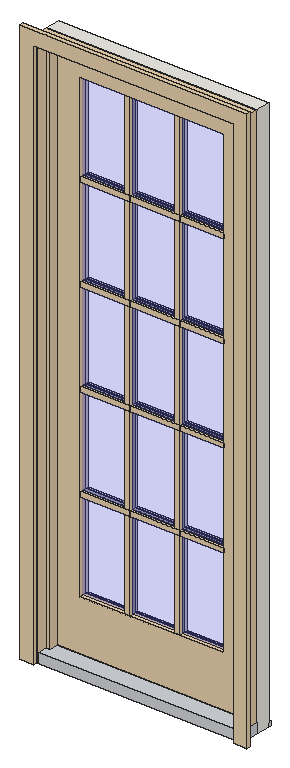
Revit family "Door-Outswing-Andersen-A_Series-Stationary 2", category Doors, host Wall, Revit 2013 (continued)
Dimensions and locks (in)
  aligned and locked: plane 42 "R Panel" to curve 174
  aligned and locked: curve 174 to plane 50 "Panel1 S2"
  aligned and locked: curve 175 to plane 50 "Panel1 S2"
  aligned and locked: plane 52 "Frame S1" to curve 180
  aligned and locked: curve 180 to plane 42 "R Panel"
  aligned and locked: plane 50 "Panel1 S2" to curve 179
  aligned and locked: plane 9 "Frame S2" to curve 176
  aligned and locked: curve 176 to plane 65 "R Int Frame"
  aligned and locked: curve 177 to plane 73 "Stop S1"
  aligned and locked: curve 178 to plane 54 "R Stop"
  aligned and locked: plane 9 "Frame S2" to curve 185
  aligned and locked: plane 66 "L Int Frame" to curve 185
  aligned and locked: curve 184 to plane 73 "Stop S1"
  aligned and locked: plane 53 "L Stop" to curve 183
  aligned and locked: plane 50 "Panel1 S2" to curve 182
  aligned and locked: plane 52 "Frame S1" to curve 181
  aligned and locked: plane 41 "L Panel" to curve 181
  aligned and locked: plane 65 "R Int Frame" to curve 55
  aligned and locked: plane 66 "L Int Frame" to curve 55
  aligned and locked: plane 56 "Sill Height" to Masking region 9 sketch curve
  aligned and locked: plane 54 "R Stop" to Masking region 9 sketch curve
  aligned and locked: Masking region 9 sketch curve to plane 53 "L Stop"
  aligned and locked: Masking region 9 sketch curve to plane 55 "T Stop"
  aligned and locked: plane 68 "T Int Frame" to curve 189
  aligned and locked: curve 190 to plane 65 "R Int Frame"
  aligned and locked: plane 66 "L Int Frame" to curve 191
  aligned and locked: level to curve 190
  aligned and locked: level to curve 191
  aligned and locked: plane 12 "Casing S1" to Extrusion 4
Automatic sketch dimensions
  curve 67 to curve 68 = 0' - 1.704"
  curve 68 to curve 78 = 0' - 1.2305"
  curve 77 to curve 77 = 0' - 0.08"
  curve 68 to curve 168 = 0' - 1.95109"
  curve 76 to curve 75 = 0' - 0.76609"
  curve 73 to curve 72 = 0' - 0.08875"
  curve 69 to curve 70 = 0' - 1.79991"
  curve 169 to curve 67 = 0' - 0 3/4"
  curve 78 to curve 77 = 0' - 0.4605"
  curve 75 to curve 78 = 0' - 0"
  curve 76 to curve 63 = 0' - 0.1245"
  curve 65 to curve 73 = 0' - 0.1255"
  curve 72 to curve 72 = 0' - 0.32416"
  curve 69 to curve 168 = 0' - 0.09433"
  curve 69 to curve 169 = 0' - 0.29893"
  curve 67 to curve 71 = 0' - 0.5465"
  curve 71 to curve 75 = 0' - 8 1/16"
  curve 74 to curve 74 = 0' - 0 3/4"
  curve 76 to curve 77 = 0' - 0 3/4"
  curve 70 to curve 69 = 0' - 0.74774"
  curve 66 to curve 67 = 0' - 1.141"
  curve 66 to curve 67 = 0' - 0 1/4"
  curve 75 to curve 78 = 0' - 0.35858"
  curve 63 to curve 73 = 0' - 0 1/8"
  curve 72 to curve 72 = 0' - 0.11008"
  curve 63 to curve 65 = 0' - 0 1/8"
  curve 76 to curve 64 = 0' - 0"
  curve 83 to curve 84 = 0' - 1.704"
  curve 84 to curve 94 = 0' - 1.2305"
  curve 93 to curve 93 = 0' - 0.08"
  curve 84 to curve 170 = 0' - 1.95109"
  curve 92 to curve 91 = 0' - 0.76609"
  curve 89 to curve 88 = 0' - 0.08875"
  curve 85 to curve 86 = 0' - 1.79991"
  curve 171 to curve 83 = 0' - 0 3/4"
  curve 94 to curve 93 = 0' - 0.4605"
  curve 91 to curve 94 = 0' - 0"
  curve 92 to curve 79 = 0' - 0.1245"
  curve 81 to curve 89 = 0' - 0.1255"
  curve 88 to curve 88 = 0' - 0.32416"
  curve 85 to curve 170 = 0' - 0.09433"
  curve 85 to curve 171 = 0' - 0.29893"
  curve 83 to curve 87 = 0' - 0.5465"
  curve 87 to curve 91 = 0' - 8 1/16"
  curve 90 to curve 90 = 0' - 0 3/4"
  curve 92 to curve 93 = 0' - 0 3/4"
  curve 86 to curve 85 = 0' - 0.74774"
  curve 82 to curve 83 = 0' - 1.141"
  curve 82 to curve 83 = 0' - 0 1/4"
  curve 91 to curve 94 = 0' - 0.35858"
  curve 79 to curve 89 = 0' - 0 1/8"
  curve 88 to curve 88 = 0' - 0.11008"
  curve 79 to curve 81 = 0' - 0 1/8"
  curve 92 to curve 80 = 0' - 0"
  Sweep 7 sketch curve to Sweep 7 sketch curve = 0' - 0.856"
  curve 146 to curve 148 = 0' - 0.08875"
  curve 147 to curve 152 = 0' - 0.76609"
  curve 150 to curve 150 = 0' - 0.08"
  curve 152 to curve 153 = 0' - 1.55742"
  curve 144 to curve 143 = 0' - 0.53458"
  curve 146 to curve 146 = 0' - 0.32416"
  curve 147 to curve 142 = 0' - 0 1/8"
  curve 172 to curve 144 = 0' - 2.19851"
  curve 141 to curve 152 = 0' - 0 1/8"
  curve 172 to curve 172 = 0' - 1.18109"
  curve 150 to curve 151 = 0' - 0.46"
  curve 172 to curve 144 = 0' - 0"
  curve 149 to curve 151 = 0' - 0"
  curve 143 to curve 143 = 0' - 1.672"
  curve 147 to curve 150 = 0' - 0"
  curve 147 to curve 149 = 0' - 0 3/4"
  curve 149 to curve 153 = 0' - 3.18"
  curve 144 to curve 153 = 0' - 0.361"
  curve 145 to curve 145 = 0' - 0.318"
  curve 147 to curve 142 = 0' - 0"
  curve 141 to curve 150 = 0' - 0"
  curve 146 to curve 146 = 0' - 0.11008"
  curve 142 to curve 140 = 0' - 0 1/8"
  curve 151 to curve 149 = 0' - 0.359"
  curve 144 to curve 172 = 0' - 0.273"
  curve 160 to curve 162 = 0' - 0.08875"
  curve 161 to curve 166 = 0' - 0.76609"
  curve 164 to curve 164 = 0' - 0.08"
  curve 166 to curve 167 = 0' - 1.55742"
  curve 158 to curve 157 = 0' - 0.53458"
  curve 160 to curve 160 = 0' - 0.32416"
  curve 161 to curve 156 = 0' - 0 1/8"
  curve 173 to curve 158 = 0' - 2.19851"
  curve 155 to curve 166 = 0' - 0 1/8"
  curve 173 to curve 173 = 0' - 1.18109"
  curve 164 to curve 165 = 0' - 0.46"
  curve 173 to curve 158 = 0' - 0"
  curve 163 to curve 165 = 0' - 0"
  curve 157 to curve 157 = 0' - 1.672"
  curve 161 to curve 164 = 0' - 0"
  curve 161 to curve 163 = 0' - 0 3/4"
  curve 163 to curve 167 = 0' - 3.18"
  curve 158 to curve 167 = 0' - 0.361"
  curve 159 to curve 159 = 0' - 0.318"
  curve 161 to curve 156 = 0' - 0"
  curve 155 to curve 164 = 0' - 0"
  curve 160 to curve 160 = 0' - 0.11008"
  curve 156 to curve 154 = 0' - 0 1/8"
  curve 165 to curve 163 = 0' - 0.359"
  curve 158 to curve 173 = 0' - 0.273"
  curve 4 to plane 52 "Frame S1" = 0' - 0"
  curve 3 to plane 52 "Frame S1" = 0' - 0"
  plane 26 "T Rough Opening" to curve 6 = 0' - 0.15975"
  Masking region 1 sketch curve to plane 52 "Frame S1" = 0' - 0"
  Masking region 2 sketch curve to plane 52 "Frame S1" = 0' - 0"
  Masking region 3 sketch curve to plane 52 "Frame S1" = 0' - 0"
  Masking region 4 sketch curve to plane 52 "Frame S1" = 0' - 0"
  curve 102 to curve 104 = 0' - 0"
  curve 101 to curve 102 = 0' - 0.7655"
  curve 103 to curve 108 = 0' - 3.1645"
  curve 98 to curve 60 = 0' - 0.273"
  curve 98 to curve 109 = 0' - 0.361"
  curve 60 to curve 34 = 0' - 0.856"
  curve 33 to curve 32 = 0' - 0.082"
  curve 96 to curve 101 = 0' - 0"
  curve 95 to curve 104 = 0' - 0"
  curve 96 to curve 97 = 0' - 0 1/8"
  curve 100 to curve 100 = 0' - 0.12558"
  curve 105 to curve 103 = 0' - 0.359"
  curve 108 to curve 109 = 0' - 0.318"
  curve 186 to curve 34 = 0' - 0.184"
  curve 34 to curve 31 = 0' - 0.566"
  curve 31 to curve 31 = 0' - 1.55"
  curve 33 to curve 101 = 0' - 1.15281"
  curve 100 to curve 102 = 0' - 0.04311"
  curve 33 to curve 34 = 0' - 1.32091"
  curve 101 to curve 104 = 0' - 0.76609"
  curve 104 to curve 106 = 0' - 0.06176"
  curve 60 to curve 108 = 0' - 2.19851"
  curve 98 to curve 108 = 0' - 0.53458"
  curve 32 to curve 32 = 0' - 0.14849"
  curve 100 to curve 100 = 0' - 0.3698"
  curve 186 to curve 186 = 0' - 0.53791"
  curve 31 to curve 34 = 0' - 0.15741"
  curve 101 to curve 96 = 0' - 0 1/8"
  curve 97 to curve 104 = 0' - 0 1/8"
  curve 105 to curve 105 = 0' - 0.47824"
  curve 107 to curve 98 = 0' - 1.01742"
  curve 107 to curve 98 = 0' - 0"
  curve 103 to curve 105 = 0' - 0"
  curve 99 to curve 107 = 0' - 0"
  curve 109 to curve 99 = 0' - 1.672"
  curve 117 to curve 119 = 0' - 0"
  curve 116 to curve 117 = 0' - 0.7655"
  curve 118 to curve 123 = 0' - 3.1645"
  curve 113 to curve 61 = 0' - 0.273"
  curve 113 to curve 124 = 0' - 0.361"
  curve 61 to curve 38 = 0' - 0.856"
  curve 37 to curve 36 = 0' - 0.082"
  curve 111 to curve 116 = 0' - 0"
  curve 110 to curve 119 = 0' - 0"
  curve 111 to curve 112 = 0' - 0 1/8"
  curve 115 to curve 115 = 0' - 0.12558"
  curve 120 to curve 118 = 0' - 0.359"
  curve 123 to curve 124 = 0' - 0.318"
  curve 187 to curve 38 = 0' - 0.184"
  curve 38 to curve 35 = 0' - 0.566"
  curve 35 to curve 35 = 0' - 1.55"
  curve 116 to curve 37 = 0' - 1.15281"
  curve 117 to curve 115 = 0' - 0.04311"
  curve 38 to curve 37 = 0' - 1.32091"
  curve 119 to curve 116 = 0' - 0.76609"
  curve 121 to curve 119 = 0' - 0.06176"
  curve 123 to curve 61 = 0' - 2.19851"
  curve 123 to curve 113 = 0' - 0.53458"
  curve 36 to curve 36 = 0' - 0.14849"
  curve 115 to curve 115 = 0' - 0.3698"
  curve 187 to curve 187 = 0' - 0.53791"
  curve 38 to curve 35 = 0' - 0.15741"
  curve 111 to curve 116 = 0' - 0 1/8"
  curve 119 to curve 112 = 0' - 0 1/8"
  curve 120 to curve 120 = 0' - 0.47824"
  curve 113 to curve 122 = 0' - 1.01742"
  curve 122 to curve 113 = 0' - 0"
  curve 118 to curve 120 = 0' - 0"
  curve 114 to curve 122 = 0' - 0"
  curve 114 to curve 124 = 0' - 1.672"
  curve 132 to curve 134 = 0' - 0"
  curve 131 to curve 132 = 0' - 0.7655"
  curve 133 to curve 138 = 0' - 3.1645"
  curve 128 to curve 62 = 0' - 0.273"
  curve 128 to curve 139 = 0' - 0.361"
  curve 62 to curve 42 = 0' - 0.856"
  curve 41 to curve 40 = 0' - 0.082"
  curve 126 to curve 131 = 0' - 0"
  curve 125 to curve 134 = 0' - 0"
  curve 126 to curve 127 = 0' - 0 1/8"
  curve 130 to curve 130 = 0' - 0.12558"
  curve 135 to curve 133 = 0' - 0.359"
  curve 138 to curve 139 = 0' - 0.318"
  curve 188 to curve 42 = 0' - 0.184"
  curve 42 to curve 39 = 0' - 0.566"
  curve 39 to curve 39 = 0' - 1.55"
  curve 131 to curve 41 = 0' - 1.15281"
  curve 132 to curve 130 = 0' - 0.04311"
  curve 42 to curve 41 = 0' - 1.32091"
  curve 134 to curve 131 = 0' - 0.76609"
  curve 136 to curve 134 = 0' - 0.06176"
  curve 138 to curve 62 = 0' - 2.19851"
  curve 138 to curve 128 = 0' - 0.53458"
  curve 40 to curve 40 = 0' - 0.14849"
  curve 130 to curve 130 = 0' - 0.3698"
  curve 188 to curve 188 = 0' - 0.53791"
  curve 42 to curve 39 = 0' - 0.15741"
  curve 126 to curve 131 = 0' - 0 1/8"
  curve 134 to curve 127 = 0' - 0 1/8"
  curve 135 to curve 135 = 0' - 0.47824"
  curve 128 to curve 137 = 0' - 1.01742"
  curve 137 to curve 128 = 0' - 0"
  curve 133 to curve 135 = 0' - 0"
  curve 129 to curve 137 = 0' - 0"
  curve 129 to curve 139 = 0' - 1.672"
  curve 174 to plane 72 "R Ext Frame 2" = 0' - 0"
  curve 5 to plane 35 "L Int Casing" = 0' - 0 1/8"
  curve 58 to plane 69 "B Ext Frame" = 0' - 0.06588"
  curve 24 to curve 23 = 0' - 1.32091"
  curve 192 to curve 24 = 0' - 2.73309"
  curve 192 to curve 193 = 0' - 1.552"
  curve 24 to curve 21 = 0' - 0.15741"
  curve 22 to curve 22 = 0' - 0.14849"
  curve 23 to curve 23 = 0' - 0.082"
  curve 25 to curve 24 = 0' - 0.856"
  curve 193 to curve 25 = 0' - 0.273"
  curve 193 to curve 193 = 0' - 0.679"
  curve 24 to curve 21 = 0' - 0.566"
  curve 21 to curve 21 = 0' - 1 5/8"
  curve 29 to curve 28 = 0' - 1.32091"
  curve 194 to curve 29 = 0' - 2.73309"
  curve 194 to curve 195 = 0' - 1.552"
  curve 29 to curve 26 = 0' - 0.15741"
  curve 27 to curve 27 = 0' - 0.14849"
  curve 28 to curve 28 = 0' - 0.082"
  curve 30 to curve 29 = 0' - 0.856"
  curve 195 to curve 30 = 0' - 0.273"
  curve 195 to curve 195 = 0' - 0.679"
  curve 29 to curve 26 = 0' - 0.566"
  curve 26 to curve 26 = 0' - 1 5/8"
Nested families (in)
  nested 1: "Andersen Grille Bar" at (0, 0.53009, 50.4375) x (-1, 0, 0) z (0, 1, 0), Bar Width <- "Grille Bar Size", Bar Length <- "TS V Bar Length", visible <- "TS S V", type "Andersen Grille Bar"
    with Glass / 2 0' - 0 7/32", Glass 0' - 0 13/16", Center Line Length 6' - 7 7/8", Center Line 2, Bar Width 0' - 0 7/8", Bar Length 6' - 7 7/8"
  nested 2: "Andersen Grille Bar" at (4.27083, 0.53009, 50.4375) x (-1, 0, 0) z (0, 1, 0), Bar Width <- "Grille Bar Size", Bar Length <- "TS V Bar Length", visible <- "TS M V", type "Andersen Grille Bar"
    with Glass / 2 0' - 0 7/32", Glass 0' - 0 13/16", Center Line Length 6' - 7 7/8", Center Line 2, Bar Width 0' - 0 7/8", Bar Length 6' - 7 7/8"
  nested 3: "Andersen Grille Bar" at (0, 0.53009, 50.4375) x (0, 0, 1) z (0, 1, 0), Bar Width <- "Grille Bar Size", visible <- "TS S H Craftsman", Bar Length <- "H DLO", type "Andersen Grille Bar"
    with Glass / 2 0' - 0 1/8", Glass 0' - 0 5/8", Center Line Length 2' - 0 3/4", Center Line 2, Bar Width 0' - 0 7/8", Bar Length 2' - 0 3/4"
  nested 4: "Andersen Grille Bar" at (0, 0.53009, 50.4375) x (0, 0, 1) z (0, 1, 0), Bar Width <- "Grille Bar Size", visible <- "TS S H", Bar Length <- "H DLO", type "Andersen Grille Bar"
    with Glass / 2 0' - 0 7/32", Glass 0' - 0 13/16", Center Line Length 2' - 0 3/4", Center Line 2, Bar Width 0' - 0 7/8", Bar Length 2' - 0 3/4"
  nested 5: "Andersen Grille Bar" at (0, 0.53009, 74.6625) x (0, 0, 1) z (0, 1, 0), Bar Width <- "Grille Bar Size", visible <- "TS M H", Bar Length <- "H DLO", type "Andersen Grille Bar"
    with Glass / 2 0' - 0 7/32", Glass 0' - 0 13/16", Center Line Length 2' - 0 3/4", Center Line 2, Bar Width 0' - 0 7/8", Bar Length 2' - 0 3/4"
  nested 6: "Andersen Grille Bar" at (0, 0.53009, 26.2125) x (0, 0, 1) z (0, 1, 0), Bar Width <- "Grille Bar Size", visible <- "TS M H", Bar Length <- "H DLO", type "Andersen Grille Bar"
    with Glass / 2 0' - 0 7/32", Glass 0' - 0 13/16", Center Line Length 2' - 0 3/4", Center Line 2, Bar Width 0' - 0 7/8", Bar Length 2' - 0 3/4"
  nested 7: "Andersen Grille Bar" at (-4.27083, 0.53009, 50.4375) x (-1, 0, 0) z (0, 1, 0), Bar Width <- "Grille Bar Size", Bar Length <- "TS V Bar Length", visible <- "TS M V", type "Andersen Grille Bar"
    with Glass / 2 0' - 0 7/32", Glass 0' - 0 13/16", Center Line Length 6' - 7 7/8", Center Line 2, Bar Width 0' - 0 7/8", Bar Length 6' - 7 7/8"
  nested 8: "Andersen Grille Bar" at (0, 0.53009, 58.5125) x (0, 0, 1) z (0, 1, 0), Bar Width <- "Grille Bar Size", visible <- "TS M H", Bar Length <- "H DLO", type "Andersen Grille Bar"
    with Glass / 2 0' - 0 7/32", Glass 0' - 0 13/16", Center Line Length 2' - 0 3/4", Center Line 2, Bar Width 0' - 0 7/8", Bar Length 2' - 0 3/4"
  nested 9: "Andersen Grille Bar" at (0, 0.53009, 42.3625) x (0, 0, 1) z (0, 1, 0), Bar Width <- "Grille Bar Size", visible <- "TS M H", Bar Length <- "H DLO", type "Andersen Grille Bar"
    with Glass / 2 0' - 0 7/32", Glass 0' - 0 13/16", Center Line Length 2' - 0 3/4", Center Line 2, Bar Width 0' - 0 7/8", Bar Length 2' - 0 3/4"
Definition of nested family "Andersen Grille Bar"
  Parameters (values of type "Andersen Grille Bar")
    Interior Bar Visibility = yes
    Interior Bar Material = none
    Glass / 2 [instance] = (Glass / 2) - 0' 0 3/16"  # 0' - 0 1/8"
    Glass [instance] = 0' - 0 5/8"
    Exterior Bar Visibility = yes
    Exterior Bar Finish = none
    Default Elevation = 4' - 0"
    Center Line Length [instance] = if(Center Line = 1, Bar Length + (Bar Width / 2), Bar Length)  # 0' - 4 7/16"
    Center Line [instance] = 1
    Between Glass Bar Visibility = yes
    Between Glass Bar Finish = none
    Bar Width [instance] = 0' - 0 7/8"
    Bar Length [instance] = 0' - 4"
  Reference planes (in)
    plane 1 "Center (Front/Back)": y = 0
    plane 2 "a": z = 0
    plane 3 "Center (Left/Right)": x = 0
    plane 4 "1": x = -0.4375
    plane 5 "2": x = 0.4375
    plane 6: y = 2
    plane 7: y = -2
    plane 8 "b": z = -0.625
    plane 9: z = -0.125
    plane 10: y = -2.4375
    plane 11 "a1": z = 12
    plane 12 "a2": z = -12
  Forms (in)
    Extrusion 1, solid
      sketch origin (0, 0, 0) x (1, 0, 0) y (0, 1, 0)
        loop
          line (-48, 48) -> (-48, -48) -> (48, -48) -> (48, 48) -> (-48, 48)
      from 0 to -12
    Extrusion 2, solid, material <- "Exterior Bar Finish", visible <- "Exterior Bar Visibility", detail levels fine
      sketch origin (0, 0, 0) x (1, 0, 0) y (0, 1, 0)
        loop
          line (-0.4375, 2) -> (-0.4375, -2) -> (0.4375, -2) -> (0.4375, 2) -> (-0.4375, 2)
      from 0 to 0.375
    Extrusion 3, solid, material <- "Between Glass Bar Finish", visible <- "Between Glass Bar Visibility", detail levels fine
      sketch origin (0, 0, 0) x (1, 0, 0) y (0, 1, 0)
        loop
          line (-0.4375, 2) -> (-0.4375, -2) -> (0.4375, -2) -> (0.4375, 2) -> (-0.4375, 2)
      from -0.5 to -0.125
    Extrusion 4, solid, material <- "Interior Bar Material", visible <- "Interior Bar Visibility", detail levels fine
      sketch origin (0, 0, 0) x (1, 0, 0) y (0, 1, 0)
        loop
          line (-0.4375, 2) -> (-0.4375, -2) -> (0.4375, -2) -> (0.4375, 2) -> (-0.4375, 2)
      from -1 to -0.625
  Lines and regions (in)
    model lines, style "GenericModel", detail levels coarse+medium
      curve 1: line (0, 2, 0) -> (0, -2.4375, 0)
    symbolic lines, style "GenericModel", detail levels coarse+medium
      curve 2: line (0, 2, 12) -> (0, -2.4375, 12)
      curve 3: line (0, 2, -12) -> (0, -2.4375, -12)
    model lines, style "InvisibleLines", not visible, detail levels coarse
      curve 4: line (0, 0, 12) -> (0, 0, -12)
    symbolic lines, detail levels fine
      curve 5: line (-0.4375, 2, 0) -> (-0.4375, -2, 0)
      curve 6: line (0.4375, 2, 0) -> (0.4375, -2, 0)
  Dimensions and locks (in)
    "Glass": plane 2 "a" to plane 8 "b"
    "Glass / 2": plane 2 "a" to plane 9
    locked: Extrusion 2 to Extrusion 2 at 0.375
    locked: plane 9 to Extrusion 3 at 0.375
    locked: plane 8 "b" to Extrusion 4 at 0.375
    equal spacing: plane 4 "1", plane 3 "Center (Left/Right)", plane 5 "2"
    equal spacing: plane 6, plane 1 "Center (Front/Back)", plane 7
    "Bar Width": plane 4 "1" to plane 5 "2"
    "Bar Length": plane 6 to plane 7
    "Center Line Length": plane 6 to plane 10
    locked: plane 11 "a1" to plane 2 "a" at 12
    locked: plane 2 "a" to plane 12 "a2" at 12
    aligned and locked: plane 2 "a" to Extrusion 1
    aligned and locked: level to Extrusion 1
    aligned and locked: Extrusion 2 to plane 2 "a"
    aligned and locked: Extrusion 2 to plane 4 "1"
    aligned and locked: plane 5 "2" to Extrusion 2
    aligned and locked: plane 6 to Extrusion 2
    aligned and locked: Extrusion 2 to plane 7
    aligned and locked: plane 9 to Extrusion 3
    aligned and locked: Extrusion 3 to plane 4 "1"
    aligned and locked: plane 5 "2" to Extrusion 3
    aligned and locked: plane 6 to Extrusion 3
    aligned and locked: Extrusion 3 to plane 7
    aligned and locked: plane 8 "b" to Extrusion 4
    aligned and locked: Extrusion 4 to plane 4 "1"
    aligned and locked: plane 5 "2" to Extrusion 4
    aligned and locked: plane 6 to Extrusion 4
    aligned and locked: Extrusion 4 to plane 7
    aligned and locked: plane 6 to curve 1
    aligned and locked: plane 10 to curve 1
    aligned and locked: curve 1 to plane 3 "Center (Left/Right)"
    aligned and locked: plane 6 to curve 2
    aligned and locked: plane 10 to curve 2
    aligned and locked: curve 2 to plane 3 "Center (Left/Right)"
    aligned and locked: plane 6 to curve 3
    aligned and locked: plane 10 to curve 3
    aligned and locked: curve 3 to plane 3 "Center (Left/Right)"
    aligned and locked: plane 11 "a1" to curve 4
    aligned and locked: plane 12 "a2" to curve 4
    aligned and locked: curve 4 to plane 1 "Center (Front/Back)"
    aligned and locked: plane 6 to curve 5
    aligned and locked: plane 6 to curve 6
    aligned and locked: plane 7 to curve 6
    aligned and locked: plane 7 to curve 5
    aligned and locked: curve 5 to plane 4 "1"
    aligned and locked: curve 6 to plane 5 "2"
  Automatic sketch dimensions
    Extrusion 1 sketch curve to Extrusion 1 sketch curve = 8' - 0"  (x2)
    plane 7 to Extrusion 2 sketch curve = 0' - 0"
    Extrusion 2 sketch curve to plane 5 "2" = 0' - 0 7/8"
    Extrusion 2 sketch curve to plane 6 = 0' - 0"
    Extrusion 2 sketch curve to Extrusion 2 sketch curve = 0' - 0 7/8"
    plane 7 to Extrusion 3 sketch curve = 0' - 0"
    Extrusion 3 sketch curve to plane 5 "2" = 0' - 0 7/8"
    Extrusion 3 sketch curve to plane 6 = 0' - 0"
    Extrusion 3 sketch curve to Extrusion 3 sketch curve = 0' - 0 7/8"
    Extrusion 4 sketch curve to plane 7 = 0' - 0"
    Extrusion 4 sketch curve to plane 5 "2" = 0' - 0 7/8"
    Extrusion 4 sketch curve to plane 6 = 0' - 0"
    Extrusion 4 sketch curve to Extrusion 4 sketch curve = 0' - 0 7/8"
